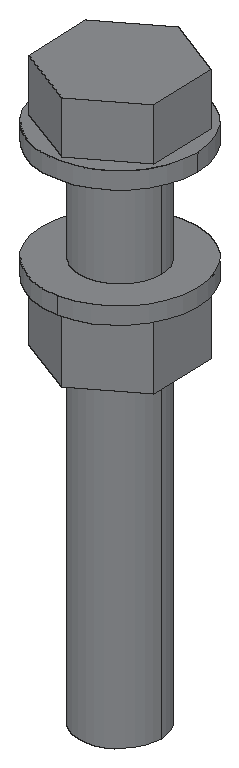
Revit family "Bolt-Assembly-Steel & Tube-ISO Metric", category Structural Connections, host Face, Revit 2018
Family settings
  Host = Face
  Material for Model Behavior = Steel
  OmniClass Number = 23.20.40.11.14.27
  OmniClass Title = Bolts and Nuts
  Enable cutting in views = Yes
  Cut with Voids When Loaded = No
  Shared = Yes
Parameters (values of type "M16")
  Width_ANZRS = Nut Cross Section  # 27.713 mm
  Washers [instance] = yes
  Washer Validation [instance] = if(Washer Thickness = 0 mm, 3 mm, Washer Thickness)  # 3.3 mm
  Washer Thickness [instance] = if(not(Washers), 0 mm, if(Bolt Diameter = 3 mm, 0.8 mm, if(Bolt Diameter = 4 mm, 0.9 mm, if(Bolt Diameter = 5 mm, 1.1 mm, if(Bolt Diameter = 6 mm, 1.8 mm, if(Bolt Diameter = 8 mm, 1.8 mm, if(Bolt Diameter = 10 mm, 2.2 mm, if(Bolt Diameter = 12 mm, 2.7 mm, if(Bolt Diameter = 16 mm, 3.3 mm, if(Bolt Diameter = 20 mm, 3.3 mm, if(Bolt Diameter = 24 mm, 4.3 mm, if(Bolt Diameter = 30 mm, 4.3 mm, if(Bolt Diameter = 36 mm, 5.6 mm, 2 mm)))))))))))))  # 3.3 mm
  Washer Diameter = if(Bolt Diameter = 3 mm, 7 mm, if(Bolt Diameter = 4 mm, 9 mm, if(Bolt Diameter = 5 mm, 10 mm, if(Bolt Diameter = 6 mm, 12.5 mm, if(Bolt Diameter = 8 mm, 17 mm, if(Bolt Diameter = 10 mm, 21 mm, if(Bolt Diameter = 12 mm, 24 mm, if(Bolt Diameter = 16 mm, 30 mm, if(Bolt Diameter = 20 mm, 37 mm, if(Bolt Diameter = 24 mm, 44 mm, if(Bolt Diameter = 30 mm, 56 mm, if(Bolt Diameter = 36 mm, 66 mm, 50 mm))))))))))))  # 30 mm
  Uniclass2015Version = "2015"  # constant formula
  Uniclass2015Title = "Cold-formed galvanized steel sections"  # constant formula
  Uniclass2015Code = "Pr_20_76_51_21"  # constant formula
  URL = "http://www.steelandtube.co.nz"
  Type Comments = "Bolt Assembly"  # constant formula
  SpecificationReference = "3411ST"  # constant formula
  SpecificationDescription = "Steel & Tube Purlins & Girts"  # constant formula
  Nut Size = if(Bolt Diameter = 3 mm, 5.5 mm, if(Bolt Diameter = 4 mm, 7 mm, if(Bolt Diameter = 5 mm, 8 mm, if(Bolt Diameter = 6 mm, 10 mm, if(Bolt Diameter = 8 mm, 13 mm, if(Bolt Diameter = 10 mm, 17 mm, if(Bolt Diameter = 12 mm, 19 mm, if(Bolt Diameter = 16 mm, 24 mm, if(Bolt Diameter = 20 mm, 30 mm, if(Bolt Diameter = 24 mm, 36 mm, if(Bolt Diameter = 30 mm, 46 mm, if(Bolt Diameter = 36 mm, 55 mm, 2 mm))))))))))))  # 24 mm
  Nut Cross Section = Nut Size / (cos(30.00°))  # 27.713 mm
  Nut = if(Bolt Diameter = 3 mm, 2.4 mm, if(Bolt Diameter = 4 mm, 3.2 mm, if(Bolt Diameter = 5 mm, 4 mm, if(Bolt Diameter = 6 mm, 5 mm, if(Bolt Diameter = 8 mm, 6.5 mm, if(Bolt Diameter = 10 mm, 8 mm, if(Bolt Diameter = 12 mm, 10 mm, if(Bolt Diameter = 16 mm, 13 mm, if(Bolt Diameter = 20 mm, 16 mm, if(Bolt Diameter = 24 mm, 19 mm, if(Bolt Diameter = 30 mm, 24 mm, if(Bolt Diameter = 36 mm, 29 mm, 2 mm))))))))))))  # 13 mm
  ModifiedIssue_ANZRS = 20160526.01  # constant formula
  Model = if(Bolt Diameter = 3 mm, "M3", if(Bolt Diameter = 4 mm, "M4", if(Bolt Diameter = 5 mm, "M5", if(Bolt Diameter = 6 mm, "M6", if(Bolt Diameter = 8 mm, "M8", if(Bolt Diameter = 10 mm, "M10", if(Bolt Diameter = 12 mm, "M12", if(Bolt Diameter = 16 mm, "M16", if(Bolt Diameter = 20 mm, "M20", if(Bolt Diameter = 24 mm, "M24", if(Bolt Diameter = 30 mm, "M30", if(Bolt Diameter = 36 mm, "M36", "N/A"))))))))))))  # "M16"
  Material_ANZRS = Metal-Steel-450MPa
  Material Thickness [instance] = 20 mm
  ManufacturerURL = "http://www.steelandtube.co.nz"
  ManufacturerName = Manufacturer  # "Steel & Tube"
  Manufacturer = "Steel & Tube"  # constant formula
  Length_ANZRS [instance] = 100 mm
  Length Validation [instance] = if(Length_ANZRS < ((Washer Thickness * 2) + Material Thickness + Nut + 5 mm), (Washer Thickness * 2) + Material Thickness + Nut + 5 mm, Length_ANZRS)  # 100 mm
  Height_ANZRS = Nut Cross Section  # 27.713 mm
  Disclaimer [instance] = "Steel & Tube makes no representations or warranties about the information in this document, including (but not limited to) whether the information, and any materials referred to, are fit for purpose. The user is responsible for ensuring that the information, and any materials referred to, are fit for the purpose for which they are intended to be used. Except as required by law, Steel & Tube is not liable for any cost, loss, claim or expense incurred by any person as a result of any person using or relying on the information in this document."  # constant formula
  Description = "ISO Metric Precision Hexagon Bolt in accordance with BS 3692:2001"  # constant formula
  Default Elevation = 0 mm
  CreatedBy_ANZRS = "Design Content"  # constant formula
  CreatedByURL_ANZRS = "http://www.designcontent.com.au"
  Cove = if(1 = 1, 1.5 * Bolt Diameter, 0 mm)  # 24 mm
  Centreline Size = Nut Size * 2  # 48 mm
  CBIDescription = "Structural steelwork"  # constant formula
  CBICode = "3411"  # constant formula
  Bolt Head = if(Bolt Diameter = 3 mm, 2.125 mm, if(Bolt Diameter = 4 mm, 2.925 mm, if(Bolt Diameter = 5 mm, 3.65 mm, if(Bolt Diameter = 6 mm, 4.15 mm, if(Bolt Diameter = 8 mm, 5.65 mm, if(Bolt Diameter = 10 mm, 7.18 mm, if(Bolt Diameter = 12 mm, 8.18 mm, if(Bolt Diameter = 16 mm, 10.18 mm, if(Bolt Diameter = 20 mm, 13.215 mm, if(Bolt Diameter = 24 mm, 15.215 mm, if(Bolt Diameter = 30 mm, 19.26 mm, if(Bolt Diameter = 36 mm, 23.26 mm, 2 mm))))))))))))  # 10.18 mm
  Bolt Diameter = 16 mm
  Assembly Code = ""
  Arc Height = (Cove / 2) * (1 - (cos((2 * (asin((Cove * tan(30.00°)) / Cove))) / 2)))  # 2.202 mm
Reference planes
  plane 1 "Center (Front/Back)": y = 0
  plane 2 "Surface Top": z = 0
  plane 3 "Center (Left/Right)": x = 0
  plane 4 "Beam Top": y = 13.856
  plane 5 "Beam Bottom": y = -13.856
  plane 6 "Left": x = -13.856
  plane 7 "Right": x = 13.856
  plane 8 "Surface Bottom": z = -20
  plane 9 "Bolt Washer Top": z = 3.3
  plane 10 "Bolt Top": z = 13.48
  plane 11 "Centreline Top": z = 23.48
  plane 12 "Nut Washer Bottom": z = -23.3
  plane 13 "Nut Bottom": z = -36.3
  plane 14 "Bottom": z = -100
  plane 15 "Left Calculated": z = -100
  plane 16 "Centreline Bottom": z = -110
  plane 17: y = 8
  plane 18: y = -8
  plane 19: x = -8
  plane 20: x = 8
Forms (mm)
  Extrusion 1, solid, material "Metal-Steel-450MPa" <- "Material_ANZRS", detail levels fine
    sketch origin (0, 0, 0) x (1, 0, 0) y (0, 1, 0)
      loop
        circle (0, 0) r 8
    from -100 to 3.3
  Extrusion 2, solid, material "Metal-Steel-450MPa" <- "Material_ANZRS", visible <- "Washers", detail levels fine
    sketch origin (0, 0, 0) x (1, 0, 0) y (0, 1, 0)
      loop
        circle (0, 0) r 8
      loop
        circle (0, 0) r 15
    from 0 to 3.3 <- "Washer Validation"
  Extrusion 3, solid, material "Metal-Steel-450MPa" <- "Material_ANZRS", visible <- "Washers", detail levels fine
    sketch origin (0, 1465.263, -23.3) x (0, 1, 0) y (-1, 0, 0)
      loop
        circle (-1465.263, 0) r 8
      loop
        circle (-1465.263, 0) r 15
    from 0 to 3.3 <- "Washer Validation"
  Extrusion 4, solid, material "Metal-Steel-450MPa" <- "Material_ANZRS", detail levels fine
    sketch origin (0, 0, 0) x (1, 0, 0) y (0, 1, 0)
      loop
        line (-12, -6.928) -> (0, -13.856) -> (12, -6.928) -> (12, 6.928) -> (0, 13.856) -> (-12, 6.928) -> (-12, -6.928)
    from 3.3 to 13.48
  Extrusion 5, solid, material "Metal-Steel-450MPa" <- "Material_ANZRS", detail levels fine
    sketch origin (0, 0, 0) x (1, 0, 0) y (0, 1, 0)
      loop
        line (-12, -6.928) -> (0, -13.856) -> (12, -6.928) -> (12, 6.928) -> (0, 13.856) -> (-12, 6.928) -> (-12, -6.928)
      loop
        circle (0, 0) r 8
    from -36.3 to -23.3
Lines and regions (mm)
  model lines, style "Centrelines"
    curve 1: line (0, 0, -110) -> (0, 0, 23.48)
  symbolic lines, style "StructConnectionHiddenLines", detail levels medium+fine
    curve 2: line (0, 8, 3.3) -> (0, 8, -36.3)
    curve 3: line (0, -8, 3.3) -> (0, -8, -36.3)
    curve 4: line (-8, 0, 3.3) -> (-8, 0, -36.3)
    curve 5: line (8, 0, 3.3) -> (8, 0, -36.3)
Dimensions and locks
  equal spacing: plane 5 "Beam Bottom", plane 1 "Center (Front/Back)", plane 4 "Beam Top"
  "Width_ANZRS": plane 5 "Beam Bottom" to plane 4 "Beam Top"
  equal spacing: plane 6 "Left", plane 3 "Center (Left/Right)", plane 7 "Right"
  "Width_ANZRS": plane 6 "Left" to plane 7 "Right"
  "Material Thickness": plane 2 "Surface Top" to plane 8 "Surface Bottom"
  "Washer Thickness": plane 9 "Bolt Washer Top" to plane 2 "Surface Top"
  "Bolt Head": plane 10 "Bolt Top" to plane 9 "Bolt Washer Top"
  locked: plane 11 "Centreline Top" to plane 10 "Bolt Top" at 10
  "Washer Thickness": plane 8 "Surface Bottom" to plane 12 "Nut Washer Bottom"
  "Nut": plane 12 "Nut Washer Bottom" to plane 13 "Nut Bottom"
  "Length_ANZRS": plane 2 "Surface Top" to plane 14 "Bottom"
  "Length Validation": plane 2 "Surface Top" to plane 15 "Left Calculated"
  locked: plane 15 "Left Calculated" to plane 16 "Centreline Bottom" at 10
  equal spacing: Extrusion 4 sketch curve, plane 3 "Center (Left/Right)", Extrusion 4 sketch curve  (x3)
  "Nut Size": Extrusion 4 sketch curve to Extrusion 4 sketch curve  (x3)
  "Nut Size": Extrusion 5 sketch curve to Extrusion 5 sketch curve  (x3)
  equal spacing: Extrusion 5 sketch curve, plane 3 "Center (Left/Right)", Extrusion 5 sketch curve  (x3)
  equal spacing: plane 19, plane 3 "Center (Left/Right)", plane 20
  equal spacing: plane 18, plane 1 "Center (Front/Back)", plane 17
  "Bolt Diameter": plane 18 to plane 17
  "Bolt Diameter": plane 19 to plane 20
  "Bolt Diameter": diameter of Extrusion 1 sketch curve
  "Bolt Diameter": diameter of Extrusion 2 sketch curve
  "Washer Diameter": diameter of Extrusion 2 sketch curve
  "Bolt Diameter": diameter of Extrusion 3 sketch curve
  "Washer Diameter": diameter of Extrusion 3 sketch curve
  "Bolt Diameter": diameter of Extrusion 5 sketch curve
  locked: Extrusion 4 sketch curve to Extrusion 4 sketch curve (angle 120.00°)  (x5)
  locked: Extrusion 5 sketch curve to Extrusion 5 sketch curve (angle 120.00°)  (x5)
  aligned and locked: plane 2 "Surface Top" to host face
  aligned and locked: level to host face
  aligned and locked: plane 3 "Center (Left/Right)" to Extrusion 1 sketch curve
  aligned and locked: plane 1 "Center (Front/Back)" to Extrusion 1 sketch curve
  aligned and locked: Extrusion 1 to plane 15 "Left Calculated"
  aligned and locked: plane 9 "Bolt Washer Top" to Extrusion 1
  aligned and locked: plane 3 "Center (Left/Right)" to Extrusion 2 sketch curve  (x2)
  aligned and locked: plane 1 "Center (Front/Back)" to Extrusion 2 sketch curve  (x2)
  aligned and locked: plane 3 "Center (Left/Right)" to Extrusion 3 sketch curve  (x2)
  aligned and locked: plane 1 "Center (Front/Back)" to Extrusion 3 sketch curve  (x2)
  aligned and locked: Extrusion 4 to plane 9 "Bolt Washer Top"
  aligned and locked: plane 10 "Bolt Top" to Extrusion 4
  aligned and locked: plane 3 "Center (Left/Right)" to Extrusion 5 sketch curve
  aligned and locked: plane 1 "Center (Front/Back)" to Extrusion 5 sketch curve
  aligned and locked: plane 12 "Nut Washer Bottom" to Extrusion 5
  aligned and locked: Extrusion 5 to plane 13 "Nut Bottom"
  aligned and locked: plane 1 "Center (Front/Back)" to curve 1
  aligned and locked: plane 11 "Centreline Top" to curve 1
  aligned and locked: plane 16 "Centreline Bottom" to curve 1
  aligned and locked: plane 9 "Bolt Washer Top" to curve 2
  aligned and locked: plane 13 "Nut Bottom" to curve 2
  aligned and locked: curve 2 to plane 17
  aligned and locked: plane 9 "Bolt Washer Top" to curve 3
  aligned and locked: curve 3 to plane 18
  aligned and locked: plane 13 "Nut Bottom" to Extrusion 5
  aligned and locked: curve 4 to plane 19
  aligned and locked: curve 5 to plane 20
  aligned and locked: plane 9 "Bolt Washer Top" to curve 4
  aligned and locked: plane 9 "Bolt Washer Top" to curve 5
  aligned and locked: plane 13 "Nut Bottom" to curve 4
  aligned and locked: plane 13 "Nut Bottom" to curve 5
Automatic sketch dimensions
  host sketch curve to host sketch curve = 2438.4 mm  (x2)
  curve 3 to plane 13 "Nut Bottom" = 0 mm
Types in the file's own list only (11): name | Width_ANZRS | Washer Diameter | Nut Size | Nut Cross Section | Nut | ModifiedIssue_ANZRS | Model | Height_ANZRS | Cove | Centreline Size | Bolt Head | Bolt Diameter | Arc Height
  M3 | 6.351 mm | 7 mm | 5.5 mm | 6.351 mm | 2.4 mm | 20160526.01 $ | "M3" | 6.351 mm | 4.5 mm | 11 mm | 2.125 mm | 3 mm | 0.413 mm
  M4 | 8.083 mm | 9 mm | 7 mm | 8.083 mm | 3.2 mm | 20160526.01 $ | "M4" | 8.083 mm | 6 mm | 14 mm | 2.925 mm | 4 mm | 0.551 mm
  M5 | 9.238 mm | 10 mm | 8 mm | 9.238 mm | 4 mm | 20160526.01 $ | "M5" | 9.238 mm | 7.5 mm | 16 mm | 3.65 mm | 5 mm | 0.688 mm
  M6 | 11.547 mm | 12.5 mm | 10 mm | 11.547 mm | 5 mm | 20160526.01 $ | "M6" | 11.547 mm | 9 mm | 20 mm | 4.15 mm | 6 mm | 0.826 mm
  M8 | 15.011 mm | 17 mm | 13 mm | 15.011 mm | 6.5 mm | 20160526.01 $ | "M8" | 15.011 mm | 12 mm | 26 mm | 5.65 mm | 8 mm | 1.101 mm
  M10 | 19.63 mm | 21 mm | 17 mm | 19.63 mm | 8 mm | 20160526.01 $ | "M10" | 19.63 mm | 15 mm | 34 mm | 7.18 mm | 10 mm | 1.376 mm
  M12 | 21.939 mm | 24 mm | 19 mm | 21.939 mm | 10 mm | 20160526.01 $ | "M12" | 21.939 mm | 18 mm | 38 mm | 8.18 mm | 12 mm | 1.652 mm
  M20 | 34.641 mm | 37 mm | 30 mm | 34.641 mm | 16 mm | 20160526.01 $ | "M20" | 34.641 mm | 30 mm | 60 mm | 13.215 mm | 20 mm | 2.753 mm
  M24 | 41.569 mm | 44 mm | 36 mm | 41.569 mm | 19 mm | 20160526.01 $ | "M24" | 41.569 mm | 36 mm | 72 mm | 15.215 mm | 24 mm | 3.303 mm
  M30 | 53.116 mm | 56 mm | 46 mm | 53.116 mm | 24 mm | 20160526.01 $ | "M30" | 53.116 mm | 45 mm | 92 mm | 19.26 mm | 30 mm | 4.129 mm
  M36 | 63.509 mm | 66 mm | 55 mm | 63.509 mm | 29 mm | 20160526.01 $ | "M36" | 63.509 mm | 54 mm | 110 mm | 23.26 mm | 36 mm | 4.955 mm
